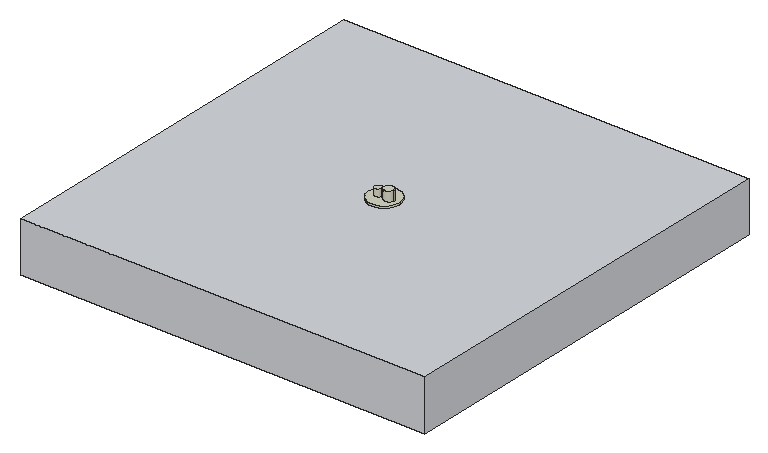
Revit family "IS_ConceptEasyBox_A5879_BIM_GB", category Plumbing Fixtures, host Face, Revit 2014
Parameters (values of type "A5879AA - Concept Easybox Slim Built-in Thermostatic Bath Shower Mixer Round Faceplate")
  WorkingPressure = "n/a"
  WaterEfficientProduct = no
  WarrantyStartDate = "1900-12-31T23:59:59"
  WarrantyGuarantorParts = "Productinfo@thebluebook.co.uk"
  WarrantyGuarantorLabor = "n/a"
  WarrantyDurationUnit = "year"
  WarrantyDurationParts = "5"
  WarrantyDurationLabor = "n/a"
  WarrantyDescription = "Manufacturers warranty"
  WRAS = no
  VolumeUnits = "Litres"
  Version = "1"
  ValveMatl = ISI_IdealStandard_Brassware_Chrome3_Render
  Uniclass2 = "Pr_40_20_87_81"
  URL = "www.idealspec.co.uk"
  Type Comments = "n/a"
  TestPressure = "10 Bar"
  TagNumber = "n/a"
  TMV3 = no
  SustainabilityPerformance = "Can be recycled"
  SpareParts = "www.fastpart-spares.co.uk"
  Space = "Internal"
  Size = "164 x 185 x 185 mm"
  Shape = "Sculptured"
  SerialNumber = "n/a"
  Revision = "n/a"
  ReplacementCost = "n/a"
  Reference = "n/a"
  ProductInformation = "www.idealspec.co.uk/assets/datasheet/A5879AA"
  Phone = "01482 346 461"
  NominalWidth = 185 mm
  NominalLength = 185 mm
  NominalHeight = 164 mm
  NettWeight = "3 Kg"
  Name = "ShowerMixers_ConceptEasyBox_A5879_IdealStandard"
  NBSTypeID = "n/a"
  NBSReference = "45-35-70/335"
  NBSOfficeMasterTag = "n/a"
  NBSNote = "n/a"
  NBSDescription = "Shower mixers"
  NBSCertification = "n/a"
  ModelReference = Description  # "Concept easybox slim built-in thermostatic bath shower mixer round faceplate"
  ModelNumber = Model  # "A5879AA"
  Model = "A5879AA"
  ManufacturerURL = "www.idealspec.co.uk"
  Manufacturer = "productinfo@thebluebook.co.uk"
  LinearUnits = "millimeters"
  InstallationInstructions = "www.idealspec.co.uk/resources.html"
  InstallationDate = "1900-12-31T23:59:59"
  IfcExportType = "FAUCET"
  IfcExportAs = "IfcValveType"
  Help = "Productinfo@thebluebook.co.uk"
  GrossWeight = "n/a"
  Grade = "n/a"
  Finish = "Chrome"
  Features = "Slim built-in thermostatic bath shower mixer round faceplate"
  FaucetType = "Other"
  FaucetTopDescription = "Handwheels"
  FaucetOperation = "Other"
  FaucetFunction = "MIXED"
  ExpectedLife = "30"
  ECA = no
  DurationUnit = "year"
  Description = "Concept easybox slim built-in thermostatic bath shower mixer round faceplate"
  Default Elevation = 1100 mm
  Currency Units = "n/a"
  CreatedBy = "Ideal Standard (UK) Ltd"
  Constituents = "n/a"
  ConnectionType = "Plumbing"
  Brand = "Ideal Standard"
  BarCode = "4015413330213"
  BREEAM = no
  BIMObjectName = "ISI_IdealStandard_ShowerMixers_ConceptEasyBox_A5879"
  Author = "Ideal Standard (UK) Ltd"
  AssetType = "Fixed"
  AssetIdentifier = "n/a"
  Assembly Code = "C1030200"
  AreaUnits = "millimeters"
  AreaMeasurement = "n/a"
  AccessibilityPerformance = "n/a"
  A5879AA = not(A5878AA)  # yes
  A5878AA = no
Types (2, lengths in mm): name | ProductInformation | Name | ModelReference | ModelNumber | Model | Features | Description | BarCode | BIMObjectName | A5879AA | A5878AA
  A5879AA - Concept Easybox Slim Built-in Thermostatic Bath Shower Mixer Round Faceplate | "www.idealspec.co.uk/assets/datasheet/A5879AA" | "ShowerMixers_ConceptEasyBox_A5879_IdealStandard" | "Concept easybox slim built-in thermostatic bath shower mixer round faceplate" | "A5879AA" | "A5879AA" | "Slim built-in thermostatic bath shower mixer round faceplate" | "Concept easybox slim built-in thermostatic bath shower mixer round faceplate" | "4015413330213" | "ISI_IdealStandard_ShowerMixers_ConceptEasyBox_A5879" | yes | no
  A5878AA - Concept Easybox Slim Built-in Thermostatic Bath Shower Mixer Square Faceplate | "www.idealspec.co.uk/assets/datasheet/A5878AA" | "ShowerMixers_ConceptEasyBox_A5878_IdealStandard" | "Concept easybox slim built-in thermostatic bath shower mixer square faceplate" | "A5878AA" | "A5878AA" | "Slim built-in thermostatic bath shower mixer square faceplate" | "Concept easybox slim built-in thermostatic bath shower mixer square faceplate" | "n/a" | "ISI_IdealStandard_ShowerMixers_ConceptEasyBox_A5878" | no | yes
Reference planes
  plane 1 "Center (Front/Back)": y = 0
  plane 2: z = 0
  plane 3 "Center (Left/Right)": x = 0
  plane 4: x = -67.5
  plane 5: x = 92.5
  plane 6: y = 92.5
  plane 7: y = -92.5
  plane 8: x = -92.5
  plane 9: x = 28
  plane 10: y = 55
  plane 11: y = -55
  plane 12: x = -37
  plane 13: z = -50
Forms (mm)
  Extrusion 1, solid
    sketch origin (0, 0, 0) x (1, 0, 0) y (0, 1, 0)
      loop
        line (-1219.2, 1219.2) -> (-1219.2, -1219.2) -> (1219.2, -1219.2) -> (1219.2, 1219.2) -> (-1219.2, 1219.2)
    from 0 to -304.8
  Extrusion 2, solid, detail levels medium+fine
    sketch origin (15, 2.233, 0) x (1, 0, 0) y (0, 1, 0)
      loop
        line (-82.5, 52.767) -> (-82.5, -57.233) -> (53.5, -57.233) -> (53.5, 52.767) -> (-82.5, 52.767)
    from 0 to -100.188
  Extrusion 3, void
    sketch origin (-67.5, -100, 1219.2) x (0, 1, 0) y (0, 0, 1)
      loop
        circle (100, -1269.2) r 10.5
    from 0 to 10
  Extrusion 4, solid, material "ISI_IdealStandard_Brassware_Chrome3_Render" <- "ValveMatl", visible <- "A5879AA", detail levels medium+fine
    sketch origin (0, 0, 0) x (1, 0, 0) y (0, 1, 0)
      loop
        circle (0, 0) r 92.5
    from 0 to 10
  Extrusion 5, solid, material "ISI_IdealStandard_Brassware_Chrome3_Render", detail levels medium+fine
    sketch origin (0, 0, 0) x (1, 0, 0) y (0, 1, 0)
      loop
        circle (28, 0) r 28
    from 0 to 63
  Extrusion 6, solid, material "ISI_IdealStandard_Brassware_Chrome3_Render", detail levels medium+fine
    sketch origin (0, 0, 0) x (1, 0, 0) y (0, 1, 0)
      loop
        circle (-37, 0) r 20
    from 0 to 47
  Extrusion 7, void
    sketch origin (68.5, 55, 1219.2) x (-1, 0, 0) y (0, 0, 1)
      loop
        circle (68.5, -1269.2) r 10.5
    from 0 to -10
  Extrusion 8, void
    sketch origin (68.5, -55, 1219.2) x (-1, 0, 0) y (0, 0, -1)
      loop
        circle (68.5, 1269.2) r 10.5
    from 0 to -10
  Extrusion 9, solid, material "ISI_IdealStandard_Brassware_Chrome3_Render" <- "ValveMatl", visible <- "A5878AA"
    sketch origin (0, 0, 0) x (1, 0, 0) y (0, 1, 0)
      loop
        arc (-90.5, 92.5) -> (-91.914, 91.914) -> (-92.5, 90.5) r 2
        line (-92.5, 90.5) -> (-92.5, -90.5)
        arc (-92.5, -90.5) -> (-91.914, -91.914) -> (-90.5, -92.5) r 2
        line (-90.5, -92.5) -> (90.5, -92.5)
        arc (90.5, -92.5) -> (91.914, -91.914) -> (92.5, -90.5) r 2
        line (92.5, -90.5) -> (92.5, 90.5)
        arc (92.5, 90.5) -> (91.914, 91.914) -> (90.5, 92.5) r 2
        line (90.5, 92.5) -> (-90.5, 92.5)
    from 0 to 10
Cuts and joins
  Extrusion 3, Extrusion 7, Extrusion 8 cuts Extrusion 2
Dimensions and locks
  "NominalLength": plane 8 to plane 5
  "NominalWidth": plane 6 to plane 7
  equal spacing: plane 8, plane 3 "Center (Left/Right)", plane 5
  equal spacing: plane 6, plane 1 "Center (Front/Back)", plane 7
  equal spacing: cut or joined group of Extrusion 2, Extrusion 3, Extrusion 7, Extrusion 8, plane 1 "Center (Front/Back)", cut or joined group of Extrusion 2, Extrusion 3, Extrusion 7, Extrusion 8
  cut or joined group of Extrusion 2, Extrusion 3, Extrusion 7, Extrusion 8 to cut or joined group of Extrusion 2, Extrusion 3, Extrusion 7, Extrusion 8 = 110 mm
  aligned and locked: plane 2 to Extrusion 1
  aligned and locked: level to Extrusion 1
  aligned and locked: plane 10 to cut or joined group of Extrusion 2, Extrusion 3, Extrusion 7, Extrusion 8
  aligned and locked: plane 11 to cut or joined group of Extrusion 2, Extrusion 3, Extrusion 7, Extrusion 8
  aligned and locked: Extrusion 2 to Extrusion 8
  aligned and locked: Extrusion 9 sketch curve to plane 6
  aligned and locked: Extrusion 9 sketch curve to plane 8
  aligned and locked: plane 7 to Extrusion 9 sketch curve
  aligned and locked: plane 5 to Extrusion 9 sketch curve
  aligned and locked: Extrusion 9 to Extrusion 4
  aligned and locked: Extrusion 9 to level
Automatic sketch dimensions
  Extrusion 1 sketch curve to Extrusion 1 sketch curve = 2438.4 mm  (x2)
  Extrusion 2 sketch curve to plane 4 = 0 mm
  plane 11 to Extrusion 2 sketch curve = 0 mm
  plane 10 to Extrusion 2 sketch curve = 0 mm
  plane 5 to Extrusion 2 sketch curve = 24 mm
  Extrusion 3 sketch curve to plane 1 "Center (Front/Back)" = 0 mm
  plane 13 to Extrusion 3 sketch curve = 0 mm
  plane 1 "Center (Front/Back)" to Extrusion 4 sketch curve = 0 mm
  Extrusion 4 sketch curve to plane 3 "Center (Left/Right)" = 0 mm
  plane 1 "Center (Front/Back)" to Extrusion 5 sketch curve = 0 mm
  Extrusion 5 sketch curve to plane 9 = 0 mm
  plane 1 "Center (Front/Back)" to Extrusion 6 sketch curve = 0 mm
  Extrusion 6 sketch curve to plane 12 = 0 mm
  Extrusion 7 sketch curve to plane 3 "Center (Left/Right)" = 0 mm
  Extrusion 7 sketch curve to plane 13 = 0 mm
  Extrusion 8 sketch curve to plane 3 "Center (Left/Right)" = 0 mm
  Extrusion 8 sketch curve to plane 13 = 0 mm
  plane 8 to Extrusion 9 sketch curve = 2 mm
  plane 7 to Extrusion 9 sketch curve = 2 mm
  plane 5 to Extrusion 9 sketch curve = 2 mm
  Extrusion 9 sketch curve to Extrusion 9 sketch curve = 2 mm
  radius of Extrusion 3 sketch curve = 10.5 mm
  radius of Extrusion 4 sketch curve = 92.5 mm
  radius of Extrusion 5 sketch curve = 28 mm
  radius of Extrusion 6 sketch curve = 20 mm
  radius of Extrusion 7 sketch curve = 10.5 mm
  radius of Extrusion 8 sketch curve = 10.5 mm
Connectors
  piping at (-67.5, 0, -50.094), diameter 21
    settings: on cut or joined group of Extrusion 2, Extrusion 3, Extrusion 7, Extrusion 8, index 1, connector inside diameter 0.82677", connector length 0 mm, flow factor 0, pipe flow 0 GPM, pressure drop 0.00 psi, fitting loss kfactor 0, connector angle 0.00°, fixture units 0, engagement length 0 mm, angle of deflection 0.00°, flow configuration 2, flow direction 2, fitting loss method 0, system type 19, joint type 0, gender type 0, connector reference index -1, connector utility 0, adjustable connector no, is connector primary yes, connector description ""
  piping at (-67.5, 0, -50.094), diameter 21
    settings: on cut or joined group of Extrusion 2, Extrusion 3, Extrusion 7, Extrusion 8, index 2, connector inside diameter 0.82677", connector length 0 mm, flow factor 0, pipe flow 0 GPM, pressure drop 0.00 psi, fitting loss kfactor 0, connector angle 0.00°, fixture units 0, engagement length 0 mm, angle of deflection 0.00°, flow configuration 2, flow direction 2, fitting loss method 0, system type 22, joint type 0, gender type 0, connector reference index -1, connector utility 0, adjustable connector no, is connector primary no, connector description ""
  piping at (-67.5, 0, -50.094), diameter 21
    settings: on cut or joined group of Extrusion 2, Extrusion 3, Extrusion 7, Extrusion 8, index 3, connector inside diameter 0.82677", connector length 0 mm, flow factor 0, pipe flow 0 GPM, pressure drop 0.00 psi, fitting loss kfactor 0, connector angle 0.00°, fixture units 0, engagement length 0 mm, angle of deflection 0.00°, flow configuration 2, flow direction 1, fitting loss method 0, system type 19, joint type 0, gender type 0, connector reference index -1, connector utility 0, adjustable connector no, is connector primary no, connector description ""
  piping at (0, 55, -50), diameter 21
    settings: on cut or joined group of Extrusion 2, Extrusion 3, Extrusion 7, Extrusion 8, index 4, connector inside diameter 0.82677", connector length 0 mm, flow factor 0, pipe flow 0 GPM, pressure drop 0.00 psi, fitting loss kfactor 0, connector angle 0.00°, fixture units 0, engagement length 0 mm, angle of deflection 0.00°, flow configuration 2, flow direction 1, fitting loss method 0, system type 20, joint type 0, gender type 0, connector reference index -1, connector utility 0, adjustable connector no, is connector primary no, connector description ""
  piping at (0, -55, -50), diameter 21
    settings: on cut or joined group of Extrusion 2, Extrusion 3, Extrusion 7, Extrusion 8, index 5, connector inside diameter 0.82677", connector length 0 mm, flow factor 0, pipe flow 0 GPM, pressure drop 0.00 psi, fitting loss kfactor 0, connector angle 0.00°, fixture units 0, engagement length 0 mm, angle of deflection 0.00°, flow configuration 2, flow direction 1, fitting loss method 0, system type 19, joint type 0, gender type 0, connector reference index -1, connector utility 0, adjustable connector no, is connector primary no, connector description ""
